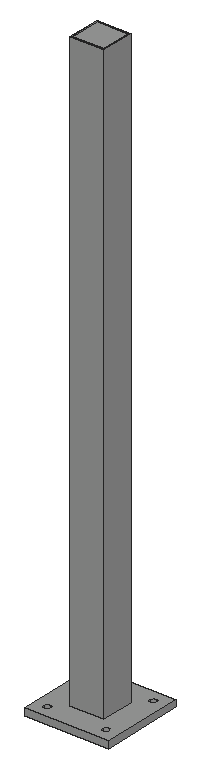
Revit family "Palmshield-Mercury-Semi-Private-Aluminum-Post", category Specialty Equipment, Revit 2026
Family settings
  Round Connector Dimension = Use Diameter
  Part Type = Normal
  Classification Number = 23.55.00.00
  Work Plane-Based = No
  Enable Cutting in Views = No
  Always vertical = No
  Cut with Voids When Loaded = No
  Maintain Annotation Orientation = No
  Shared = No
  Room Calculation Point = No
Parameters (values of type "Assembly")
  Warranty URL = "https://palmshieldlouvers.com/wp-content/uploads/2020/01/PalmSHIELD-Warranty-NO-SIGN-LINE.pdf"
  Version = "2020 - v1.0a"  # constant formula
  URL = "https://palmshieldlouvers.com/"
  Product Page URL = "https://palmshieldlouvers.com/products/mercury-eco-semi-private/"
  Product Documentation Link = "https://palmshieldlouvers.com/wp-content/uploads/2022/01/Mercury-Economic-Semi-Private-Aluminum-Composite.pdf"
  Post Position [instance] = 1
  Model = "Mercury Economic Semi Private - Aluminum"  # constant formula
  Material = Metal - PalmSHIELD - Dusty Grey
  Manufacturer Phone Number = "531-329-4406 "  # constant formula
  Manufacturer Email = "mailto: info@palmshieldlouvers.com"
  Manufacturer Address = "12330 Cary Circle, La Vista, NE 68128"  # constant formula
  Manufacturer = "PalmSHIELD"  # constant formula
  Keynote = "05 10 00"
  Instruction Sheet Link = "https://palmshieldlouvers.com/wp-content/uploads/2021/09/PalmSHIELD-Mercury-Series-Post-Panel-Gate-Installation-Instructions-2.docx"
  ID [instance] = "Not Assigned"
  Height [instance] = if(Desired Overall Height < C Min Height, C Min Height, if(Desired Overall Height > C Max Height, C Max Height, Desired Overall Height))  # 6' - 0"
  Desired Overall Height [instance] = 6' - 0"
  Description = "Mercury Economic Semi Private - Aluminum - Square Post"  # constant formula
  Default Elevation = 0' - 0"
  Copyright = "Copyright ©2024 The American Fence Company and PalmSHIELD. All Rights Reserved."  # constant formula
  Component Vis [instance] = yes
  Component Name [instance] = "Mercury Economic Semi Private - Aluminum - Square Post"  # constant formula
  C Post Width = 0' - 4"  # constant formula
  C Min Height [instance] = 3' - 4"  # constant formula
  C Max Height [instance] = 8' - 0"  # constant formula
  Assembly Code = "F1020100"
Reference planes (in)
  plane 1 "Center (Front/Back)": y = 0
  plane 2: z = 0
  plane 3 "Center (Left/Right)": x = 0
  plane 4: z = 72
  plane 5: y = 2
  plane 6: y = -2
  plane 7: x = 2
  plane 8: x = -2
Lines and regions (in)
  reference lines
    curve 1: line (-24.29961, 0, 72) -> (24.70039, 0, 72)
Dimensions and locks (in)
  "Desired Overall Height": curve 1 to plane 2
  "Height": plane 4 to plane 2
  equal spacing: plane 8, plane 3 "Center (Left/Right)", plane 7
  equal spacing: plane 5, plane 1 "Center (Front/Back)", plane 6
  "C Post Width": plane 5 to plane 6
  "C Post Width": plane 8 to plane 7
  aligned and locked: plane 2 to level
Automatic sketch dimensions
  curve 1 to plane 8 = 1' - 10.29961"
  curve 1 to plane 7 = 1' - 10.70039"
Nested families (in)
  nested 1: "Screening-Louver-Assembly-Post-Palmshield-Mercury_Economic_Semi_Private-Aluminum" at (0, 0, 0), Desired Overall Height <- "Desired Overall Height", ID <- "ID", Component Vis <- "Component Vis", Post Position <- "Post Position", type "Assembly"
    with Post Position 1, Overall Height 6' - 0", ID "Not Assigned", Desired Overall Height 6' - 0", Component Vis (Single) yes, Component Vis (Side) no, Component Vis (Double) no, Component Vis yes, Component Name "Mercury Economic Semi Private - Post Assembly", C Single Post yes, C Post Offset 0' - 0"
  nested 2: "Nested-Base_Plate-Palmshield-Mercury_Economic_Semi_Private" at (0, 0, 0), type "10" x 10" x 3/4""
    with Material Metal - PalmSHIELD - Dusty Grey, ID "Not Assigned", Component Name "Mercury Economic Semi Private - Aluminum - Base Plate"
  nested 3: "Nested-Square_Post-Aluminum-Palmshield-Mercury_Economic_Semi_Private" at (0, 0, 0.75), type "4" X 4" X 1/8" SQ. TUBE"
    with Material Metal - PalmSHIELD - Dusty Grey, Length 5' - 11 1/4", ID "Not Assigned", Component Name "Mercury Economic Semi Private - Aluminum - Square Post"
  nested 4: "Nested-Top_Cap-Palmshield-Mercury_Economic_Semi_Private" at (0, 0, 72) x (1, 0, 0) z (0, 0, -1), type "3 3/4" x 3 3/4" x 1/8""
    with Material Metal - PalmSHIELD - Dusty Grey, ID "Not Assigned", Component Name "Mercury Economic Semi Private - Aluminum - Square Top Cap"
Definition of nested family "Nested-Base_Plate-Palmshield-Mercury_Economic_Semi_Private"
  Parameters (values of type "10" x 14" x 3/4"")
    Width = if(Constraints = 1, 0' 10", 1' 2")  # 1' - 2"
    Warranty URL = "https://palmshieldlouvers.com/wp-content/uploads/2020/01/PalmSHIELD-Warranty-NO-SIGN-LINE.pdf"
    Version = "2020 - v1.0a"  # constant formula
    URL = "https://palmshieldlouvers.com/"
    Thickness = 0' - 0 3/4"  # constant formula
    Product Page URL = "Contact Manufacturer for More Information"
    Product Documentation Link = "Contact Manufacturer for More Information"
    Model = "Mercury Economic Semi Private"  # constant formula
    Material [instance] = none
    Manufacturer Phone Number = "531-329-4406 "  # constant formula
    Manufacturer Fax Number = "Consult Manufacturer Website for More Information"  # constant formula
    Manufacturer Email = "mailto: info@palmshieldlouvers.com"
    Manufacturer Address = "12330 Cary Circle, La Vista, NE 68128"  # constant formula
    Manufacturer = "PalmSHIELD"  # constant formula
    Keynote = "05 10 00"
    Instruction Sheet Link = "Contact Manufacturer for More Information"
    ID [instance] = ""
    Hole Diameter = 0' - 0 3/4"  # constant formula
    Height = 0' - 10"  # constant formula
    Description = "Mercury Economic Semi Private - Base Plate"  # constant formula
    Default Elevation = 4' - 0"
    Copyright = "Copyright ©2024 The American Fence Company and PalmSHIELD. All Rights Reserved."  # constant formula
    Constraints = 2
    Component Name [instance] = "Mercury Economic Semi Private - Aluminum - Base Plate"  # constant formula
    C Hole Offset = 0' - 1 1/2"  # constant formula
    Assembly Code = "F1020100"
  Types (2): name | Width | Constraints
    10" x 10" x 3/4" | 0' - 10" | 1
    10" x 14" x 3/4" | 1' - 2" | 2
  Reference planes (in)
    plane 1 "Center (Front/Back)": y = 0
    plane 2: z = 0
    plane 3 "Center (Left/Right)": x = 0
    plane 4: y = 5
    plane 5: x = 7
    plane 6: y = -5
    plane 7: x = -7
    plane 8: z = 0.75
  Forms (in)
    Extrusion 1, solid
      sketch origin (0, 0, 0) x (1, 0, 0) y (0, 1, 0)
        loop
          line (-48, 48) -> (-48, -48) -> (48, -48) -> (48, 48) -> (-48, 48)
      from 0 to -12
    Extrusion 2, solid, material <- "Material"
      sketch origin (0, 0, 0) x (1, 0, 0) y (0, 1, 0)
        loop
          line (-7, 5) -> (-7, -5) -> (7, -5) -> (7, 5) -> (-7, 5)
        loop
          circle (-5.5, 3.5) r 0.375
        loop
          circle (5.5, 3.5) r 0.375
        loop
          circle (-5.5, -3.5) r 0.375
        loop
          circle (5.5, -3.5) r 0.375
      from 0 to 0.75
  Dimensions and locks (in)
    equal spacing: plane 7, plane 3 "Center (Left/Right)", plane 5
    equal spacing: plane 4, plane 1 "Center (Front/Back)", plane 6
    "Width": plane 7 to plane 5
    "Height": plane 4 to plane 6
    "C Hole Offset": plane 7 to Extrusion 2 sketch curve  (x2)
    "C Hole Offset": Extrusion 2 sketch curve to plane 5  (x2)
    "C Hole Offset": plane 4 to Extrusion 2 sketch curve  (x2)
    "C Hole Offset": plane 6 to Extrusion 2 sketch curve  (x2)
    "Thickness": plane 8 to plane 2
    "Width": Extrusion 2 to Extrusion 2
    "Hole Diameter": diameter of Extrusion 2 sketch curve  (x4)
    aligned and locked: plane 2 to Extrusion 1
    aligned and locked: level to Extrusion 1
    aligned and locked: Extrusion 2 sketch curve to plane 4
    aligned and locked: plane 7 to Extrusion 2 sketch curve
    aligned and locked: Extrusion 2 sketch curve to plane 6
    aligned and locked: Extrusion 2 sketch curve to plane 5
    aligned and locked: plane 8 to Extrusion 2
  Automatic sketch dimensions
    Extrusion 1 sketch curve to Extrusion 1 sketch curve = 8' - 0"  (x2)
Definition of nested family "Nested-Square_Post-Aluminum-Palmshield-Mercury_Economic_Semi_Private"
  Parameters (values of type "4" X 4" X 1/8" SQ. TUBE")
    Width = 0' - 4"  # constant formula
    Warranty URL = "https://palmshieldlouvers.com/wp-content/uploads/2020/01/PalmSHIELD-Warranty-NO-SIGN-LINE.pdf"
    Version = "2020 - v1.0a"  # constant formula
    URL = "https://palmshieldlouvers.com/"
    Thickness = 0' - 0 1/8"  # constant formula
    Product Page URL = "Contact Manufacturer for More Information"
    Product Documentation Link = "Contact Manufacturer for More Information"
    Model = "Mercury Economic Semi Private"  # constant formula
    Material [instance] = none
    Manufacturer Phone Number = "531-329-4406 "  # constant formula
    Manufacturer Fax Number = "Consult Manufacturer Website for More Information"  # constant formula
    Manufacturer Email = "mailto: info@palmshieldlouvers.com"
    Manufacturer Address = "12330 Cary Circle, La Vista, NE 68128"  # constant formula
    Manufacturer = "PalmSHIELD"  # constant formula
    Length [instance] = 4' - 4.86713"
    Keynote = "05 10 00"
    Instruction Sheet Link = "Contact Manufacturer for More Information"
    ID [instance] = ""
    Description = "Mercury Economic Semi Private - Post"  # constant formula
    Default Elevation = 4' - 0"
    Copyright = "Copyright ©2024 The American Fence Company and PalmSHIELD. All Rights Reserved."  # constant formula
    Component Name [instance] = "Mercury Economic Semi Private - Aluminum - Square Post"  # constant formula
    Assembly Code = "F1020100"
  Reference planes (in)
    plane 1 "Center (Front/Back)": y = 0
    plane 2: z = 0
    plane 3 "Center (Left/Right)": x = 0
    plane 4: z = 52.86713
    plane 5: x = 2
    plane 6: x = -2
  Forms (in)
    Extrusion 1, solid
      sketch origin (0, 0, 0) x (1, 0, 0) y (0, 1, 0)
        loop
          line (-48, 48) -> (-48, -48) -> (48, -48) -> (48, 48) -> (-48, 48)
      from 0 to -12
    Sweep 2, solid, material <- "Material"
      path origin (0, 0, 0) x (0, 1, 0) y (0, 0, 1)
        loop
          line (0, 0) -> (0, 52.86713)
      profile "Profile-Palmshield-Square : 4" X 4" X 1/8" SQ. TUBE" origin (0, 0, 26.43357) x (0, -1, 0) y (1, 0, 0)
        loop
          line (1.875, 1.875) -> (-1.875, 1.875) -> (-1.875, -1.875) -> (1.875, -1.875) -> (1.875, 1.875)
        loop
          line (-2, -2) -> (2, -2) -> (2, 2) -> (-2, 2) -> (-2, -2)
  Dimensions and locks (in)
    "Length": plane 4 to plane 2
    equal spacing: plane 5, plane 3 "Center (Left/Right)", plane 6
    "Width": plane 5 to plane 6
    aligned and locked: plane 2 to Extrusion 1
    aligned and locked: level to Extrusion 1
    aligned and locked: plane 1 "Center (Front/Back)" to Sweep 2 sketch curve
    aligned and locked: plane 4 to Sweep 2 sketch curve
  Automatic sketch dimensions
    Extrusion 1 sketch curve to Extrusion 1 sketch curve = 8' - 0"  (x2)
    Sweep 2 sketch curve to level = 0' - 0"
Definition of nested family "Nested-Top_Cap-Palmshield-Mercury_Economic_Semi_Private"
  Parameters (values of type "3 3/4" x 3 3/4" x 1/8"")
    Width = 0' 4" - 2 * Thickness  # 0' - 3 3/4"
    Warranty URL = "https://palmshieldlouvers.com/wp-content/uploads/2020/01/PalmSHIELD-Warranty-NO-SIGN-LINE.pdf"
    Version = "2020 - v1.0a"  # constant formula
    URL = "https://palmshieldlouvers.com/"
    Thickness = 0' - 0 1/8"  # constant formula
    Product Page URL = "Contact Manufacturer for More Information"
    Product Documentation Link = "Contact Manufacturer for More Information"
    Model = "Mercury Economic Semi Private"  # constant formula
    Material [instance] = none
    Manufacturer Phone Number = "531-329-4406 "  # constant formula
    Manufacturer Fax Number = "Consult Manufacturer Website for More Information"  # constant formula
    Manufacturer Email = "mailto: info@palmshieldlouvers.com"
    Manufacturer Address = "12330 Cary Circle, La Vista, NE 68128"  # constant formula
    Manufacturer = "PalmSHIELD"  # constant formula
    Keynote = "05 10 00"
    Instruction Sheet Link = "Contact Manufacturer for More Information"
    ID [instance] = ""
    Description = "Mercury Economic Semi Private - Top Cap"  # constant formula
    Default Elevation = 4' - 0"
    Copyright = "Copyright ©2024 The American Fence Company and PalmSHIELD. All Rights Reserved."  # constant formula
    Component Name [instance] = "Mercury Economic Semi Private - Aluminum - Square Top Cap"  # constant formula
    Assembly Code = "F1020100"
  Reference planes (in)
    plane 1 "Center (Front/Back)": y = 0
    plane 2: z = 0
    plane 3 "Center (Left/Right)": x = 0
    plane 4: y = 1.875
    plane 5: x = 1.875
    plane 6: y = -1.875
    plane 7: x = -1.875
    plane 8: z = 0.125
  Forms (in)
    Extrusion 1, solid
      sketch origin (0, 0, 0) x (1, 0, 0) y (0, 1, 0)
        loop
          line (-48, 48) -> (-48, -48) -> (48, -48) -> (48, 48) -> (-48, 48)
      from 0 to -12
    Extrusion 2, solid, material <- "Material"
      sketch origin (0, 0, 0) x (1, 0, 0) y (0, 1, 0)
        loop
          line (-1.875, 1.875) -> (-1.875, -1.875) -> (1.875, -1.875) -> (1.875, 1.875) -> (-1.875, 1.875)
      from 0 to 0.125
  Dimensions and locks (in)
    equal spacing: plane 7, plane 3 "Center (Left/Right)", plane 5
    equal spacing: plane 4, plane 1 "Center (Front/Back)", plane 6
    "Width": plane 7 to plane 5
    "Width": plane 4 to plane 6
    "Thickness": plane 8 to plane 2
    aligned and locked: plane 2 to Extrusion 1
    aligned and locked: level to Extrusion 1
    aligned and locked: Extrusion 2 sketch curve to plane 4
    aligned and locked: plane 7 to Extrusion 2 sketch curve
    aligned and locked: Extrusion 2 sketch curve to plane 6
    aligned and locked: Extrusion 2 sketch curve to plane 5
    aligned and locked: plane 8 to Extrusion 2
  Automatic sketch dimensions
    Extrusion 1 sketch curve to Extrusion 1 sketch curve = 8' - 0"  (x2)
Definition of nested family "Screening-Louver-Assembly-Post-Palmshield-Mercury_Economic_Semi_Private-Aluminum"
  Parameters (values of type "Default")
    Width = 0' - 4"  # constant formula
    Warranty URL = "https://palmshieldlouvers.com/wp-content/uploads/2020/01/PalmSHIELD-Warranty-NO-SIGN-LINE.pdf"
    Version = "2020 - v1.0a"  # constant formula
    URL = "https://palmshieldlouvers.com/"
    Top Cap Thickness = 0' - 0 1/8"  # constant formula
    Component Vis (Side) [instance] = and(Component Vis, Post Position = 3)  # yes
    Product Page URL = "Contact Manufacturer for More Information"
    Product Documentation Link = "Contact Manufacturer for More Information"
    Post Position [instance] = 3
    Overall Height [instance] = if(Desired Overall Height < 3' 0", 3' 0", if(Desired Overall Height > 12' 0", 12' 0", Desired Overall Height))  # 6' - 0"
    Model = "Mercury Economic Semi Private"  # constant formula
    Component Vis (Single) [instance] = and(Component Vis, Post Position = 1)  # no
    Material = none
    Manufacturer Phone Number = "531-329-4406 "  # constant formula
    Manufacturer Fax Number = "Consult Manufacturer Website for More Information"  # constant formula
    Manufacturer Email = "mailto: info@palmshieldlouvers.com"
    Manufacturer Address = "12330 Cary Circle, La Vista, NE 68128"  # constant formula
    Manufacturer = "PalmSHIELD"  # constant formula
    Keynote = "05 10 00"
    Instruction Sheet Link = "Contact Manufacturer for More Information"
    ID [instance] = "Not Assigned"
    Desired Overall Height [instance] = 6' - 0"
    Description = "Mercury Economic Semi Private - Post Assembly"  # constant formula
    Default Elevation = 4' - 0"
    Component Vis (Double) [instance] = and(Component Vis, Post Position = 2)  # no
    Copyright = "Copyright ©2024 The American Fence Company and PalmSHIELD. All Rights Reserved."  # constant formula
    Component Vis [instance] = yes
    Component Name [instance] = "Mercury Economic Semi Private - Post Assembly"  # constant formula
    C Single Post [instance] = not([Component Vis (Double)])  # yes
    C Post Offset [instance] = if([Component Vis (Side)], 0' 2 1/2", 0' 0")  # 0' - 2 1/2"
    C Panel Offset from Ground = 0' - 2"  # constant formula
    Base Plate Thickness = 0' - 0 3/4"  # constant formula
    Assembly Code = "F1020100"
  Reference planes (in)
    plane 1 "Center (Front/Back)": y = 0
    plane 2: z = 0
    plane 3 "Center (Left/Right)": x = 0
    plane 4: x = 2
    plane 5: x = -2
    plane 6: z = 72
    plane 7: z = 2
  Forms (in)
    Extrusion 1, solid
      sketch origin (0, 0, 0) x (1, 0, 0) y (0, 1, 0)
        loop
          line (-48, 48) -> (-48, -48) -> (48, -48) -> (48, 48) -> (-48, 48)
      from 0 to -12
  Lines and regions (in)
    reference lines
      curve 1: line (-64.16684, 0, 72) -> (79.83316, 0, 72)
  Dimensions and locks (in)
    equal spacing: plane 4, plane 3 "Center (Left/Right)", plane 5
    "Width": plane 4 to plane 5
    "C Panel Offset from Ground": plane 7 to plane 2
    "Overall Height": plane 6 to plane 2
    "Desired Overall Height": curve 1 to plane 2
    "C Post Offset": plane 3 "Center (Left/Right)" to nested 2
    "C Post Offset": plane 3 "Center (Left/Right)" to nested 3
    aligned and locked: plane 2 to Extrusion 1
    aligned and locked: level to Extrusion 1
    aligned and locked: plane 1 "Center (Front/Back)" to nested 1
    aligned and locked: plane 1 "Center (Front/Back)" to nested 3
    aligned and locked: plane 6 to nested 2
    aligned and locked: plane 1 "Center (Front/Back)" to nested 4
    aligned and locked: plane 6 to nested 5
    aligned and locked: plane 6 to nested 6
    aligned and locked: plane 3 "Center (Left/Right)" to nested 5
    aligned and locked: nested 6 to plane 3 "Center (Left/Right)"
    aligned and locked: nested 5 to nested 7
    aligned and locked: plane 4 to nested 8
    aligned and locked: plane 3 "Center (Left/Right)" to nested 4
    aligned and locked: plane 3 "Center (Left/Right)" to nested 1
  Automatic sketch dimensions
    Extrusion 1 sketch curve to Extrusion 1 sketch curve = 8' - 0"  (x2)
    curve 1 to plane 5 = 5' - 2.16684"
    plane 4 to curve 1 = 6' - 5.83316"
  Nested families (in)
    nested 1: "Nested-Base_Plate-Palmshield-Mercury_Economic_Semi_Private" at (0, 0, 0), ID <- "ID", Material <- "Material", visible <- "C Single Post", type "10" x 10" x 3/4""
      with Material none, ID "Not Assigned", Component Name "Mercury Economic Semi Private - Aluminum - Base Plate"
    nested 2: "Nested-Square_Post-Aluminum-Palmshield-Mercury_Economic_Semi_Private" at (2.5, 0, 0.75), ID <- "ID", Material <- "Material", visible <- "C Single Post", type "4" X 4" X 1/8" SQ. TUBE"
      with Material none, Length 5' - 11 1/4", ID "Not Assigned", Component Name "Mercury Economic Semi Private - Aluminum - Square Post"
    nested 3: "Nested-Top_Cap-Palmshield-Mercury_Economic_Semi_Private" at (2.5, 0, 72) x (1, 0, 0) z (0, 0, -1), ID <- "ID", Material <- "Material", visible <- "C Single Post", type "3 3/4" x 3 3/4" x 1/8""
      with Material none, ID "Not Assigned", Component Name "Mercury Economic Semi Private - Aluminum - Square Top Cap"
    nested 4: "Nested-Base_Plate-Palmshield-Mercury_Economic_Semi_Private" at (0, 0, 0), ID <- "ID", Material <- "Material", visible <- "Component Vis (Double)", type "10" x 14" x 3/4""
      with Material none, ID "Not Assigned", Component Name "Mercury Economic Semi Private - Aluminum - Base Plate"
    nested 5: "Nested-Square_Post-Aluminum-Palmshield-Mercury_Economic_Semi_Private" at (-2, 0, 0.75), ID <- "ID", Material <- "Material", visible <- "Component Vis (Double)", type "4" X 4" X 1/8" SQ. TUBE"
      with Material none, Length 5' - 11 1/4", ID "Not Assigned", Component Name "Mercury Economic Semi Private - Aluminum - Square Post"
    nested 6: "Nested-Square_Post-Aluminum-Palmshield-Mercury_Economic_Semi_Private" at (2, 0, 0.75), ID <- "ID", Material <- "Material", visible <- "Component Vis (Double)", type "4" X 4" X 1/8" SQ. TUBE"
      with Material none, Length 5' - 11 1/4", ID "Not Assigned", Component Name "Mercury Economic Semi Private - Aluminum - Square Post"
    nested 7: "Nested-Top_Cap-Palmshield-Mercury_Economic_Semi_Private" at (-2, 0, 72) x (1, 0, 0) z (0, 0, -1), ID <- "ID", Material <- "Material", visible <- "Component Vis (Double)", type "3 3/4" x 3 3/4" x 1/8""
      with Material none, ID "Not Assigned", Component Name "Mercury Economic Semi Private - Aluminum - Square Top Cap"
    nested 8: "Nested-Top_Cap-Palmshield-Mercury_Economic_Semi_Private" at (2, 0, 72) x (1, 0, 0) z (0, 0, -1), ID <- "ID", Material <- "Material", visible <- "Component Vis (Double)", type "3 3/4" x 3 3/4" x 1/8""
      with Material none, ID "Not Assigned", Component Name "Mercury Economic Semi Private - Aluminum - Square Top Cap"
  Definition of nested family "Nested-Base_Plate-Palmshield-Mercury_Economic_Semi_Private"
    Parameters (values of type "10" x 14" x 3/4"")
      Width = if(Constraints = 1, 0' 10", 1' 2")  # 1' - 2"
      Warranty URL = "https://palmshieldlouvers.com/wp-content/uploads/2020/01/PalmSHIELD-Warranty-NO-SIGN-LINE.pdf"
      Version = "2020 - v1.0a"  # constant formula
      URL = "https://palmshieldlouvers.com/"
      Thickness = 0' - 0 3/4"  # constant formula
      Product Page URL = "Contact Manufacturer for More Information"
      Product Documentation Link = "Contact Manufacturer for More Information"
      Model = "Mercury Economic Semi Private"  # constant formula
      Material [instance] = none
      Manufacturer Phone Number = "531-329-4406 "  # constant formula
      Manufacturer Fax Number = "Consult Manufacturer Website for More Information"  # constant formula
      Manufacturer Email = "mailto: info@palmshieldlouvers.com"
      Manufacturer Address = "12330 Cary Circle, La Vista, NE 68128"  # constant formula
      Manufacturer = "PalmSHIELD"  # constant formula
      Keynote = "05 10 00"
      Instruction Sheet Link = "Contact Manufacturer for More Information"
      ID [instance] = ""
      Hole Diameter = 0' - 0 3/4"  # constant formula
      Height = 0' - 10"  # constant formula
      Description = "Mercury Economic Semi Private - Base Plate"  # constant formula
      Default Elevation = 4' - 0"
      Copyright = "Copyright ©2024 The American Fence Company and PalmSHIELD. All Rights Reserved."  # constant formula
      Constraints = 2
      Component Name [instance] = "Mercury Economic Semi Private - Aluminum - Base Plate"  # constant formula
      C Hole Offset = 0' - 1 1/2"  # constant formula
      Assembly Code = "F1020100"
    Types (2): name | Width | Constraints
      10" x 10" x 3/4" | 0' - 10" | 1
      10" x 14" x 3/4" | 1' - 2" | 2
    Reference planes (in)
      plane 1 "Center (Front/Back)": y = 0
      plane 2: z = 0
      plane 3 "Center (Left/Right)": x = 0
      plane 4: y = 5
      plane 5: x = 7
      plane 6: y = -5
      plane 7: x = -7
      plane 8: z = 0.75
    Forms (in)
      Extrusion 1, solid
        sketch origin (0, 0, 0) x (1, 0, 0) y (0, 1, 0)
          loop
            line (-48, 48) -> (-48, -48) -> (48, -48) -> (48, 48) -> (-48, 48)
        from 0 to -12
      Extrusion 2, solid, material <- "Material"
        sketch origin (0, 0, 0) x (1, 0, 0) y (0, 1, 0)
          loop
            line (-7, 5) -> (-7, -5) -> (7, -5) -> (7, 5) -> (-7, 5)
          loop
            circle (-5.5, 3.5) r 0.375
          loop
            circle (5.5, 3.5) r 0.375
          loop
            circle (-5.5, -3.5) r 0.375
          loop
            circle (5.5, -3.5) r 0.375
        from 0 to 0.75
    Dimensions and locks (in)
      equal spacing: plane 7, plane 3 "Center (Left/Right)", plane 5
      equal spacing: plane 4, plane 1 "Center (Front/Back)", plane 6
      "Width": plane 7 to plane 5
      "Height": plane 4 to plane 6
      "C Hole Offset": plane 7 to Extrusion 2 sketch curve  (x2)
      "C Hole Offset": Extrusion 2 sketch curve to plane 5  (x2)
      "C Hole Offset": plane 4 to Extrusion 2 sketch curve  (x2)
      "C Hole Offset": plane 6 to Extrusion 2 sketch curve  (x2)
      "Thickness": plane 8 to plane 2
      "Width": Extrusion 2 to Extrusion 2
      "Hole Diameter": diameter of Extrusion 2 sketch curve  (x4)
      aligned and locked: plane 2 to Extrusion 1
      aligned and locked: level to Extrusion 1
      aligned and locked: Extrusion 2 sketch curve to plane 4
      aligned and locked: plane 7 to Extrusion 2 sketch curve
      aligned and locked: Extrusion 2 sketch curve to plane 6
      aligned and locked: Extrusion 2 sketch curve to plane 5
      aligned and locked: plane 8 to Extrusion 2
    Automatic sketch dimensions
      Extrusion 1 sketch curve to Extrusion 1 sketch curve = 8' - 0"  (x2)
  Definition of nested family "Nested-Square_Post-Aluminum-Palmshield-Mercury_Economic_Semi_Private"
    Parameters (values of type "4" X 4" X 1/8" SQ. TUBE")
      Width = 0' - 4"  # constant formula
      Warranty URL = "https://palmshieldlouvers.com/wp-content/uploads/2020/01/PalmSHIELD-Warranty-NO-SIGN-LINE.pdf"
      Version = "2020 - v1.0a"  # constant formula
      URL = "https://palmshieldlouvers.com/"
      Thickness = 0' - 0 1/8"  # constant formula
      Product Page URL = "Contact Manufacturer for More Information"
      Product Documentation Link = "Contact Manufacturer for More Information"
      Model = "Mercury Economic Semi Private"  # constant formula
      Material [instance] = none
      Manufacturer Phone Number = "531-329-4406 "  # constant formula
      Manufacturer Fax Number = "Consult Manufacturer Website for More Information"  # constant formula
      Manufacturer Email = "mailto: info@palmshieldlouvers.com"
      Manufacturer Address = "12330 Cary Circle, La Vista, NE 68128"  # constant formula
      Manufacturer = "PalmSHIELD"  # constant formula
      Length [instance] = 4' - 4.86713"
      Keynote = "05 10 00"
      Instruction Sheet Link = "Contact Manufacturer for More Information"
      ID [instance] = ""
      Description = "Mercury Economic Semi Private - Post"  # constant formula
      Default Elevation = 4' - 0"
      Copyright = "Copyright ©2024 The American Fence Company and PalmSHIELD. All Rights Reserved."  # constant formula
      Component Name [instance] = "Mercury Economic Semi Private - Aluminum - Square Post"  # constant formula
      Assembly Code = "F1020100"
    Reference planes (in)
      plane 1 "Center (Front/Back)": y = 0
      plane 2: z = 0
      plane 3 "Center (Left/Right)": x = 0
      plane 4: z = 52.86713
      plane 5: x = 2
      plane 6: x = -2
    Forms (in)
      Extrusion 1, solid
        sketch origin (0, 0, 0) x (1, 0, 0) y (0, 1, 0)
          loop
            line (-48, 48) -> (-48, -48) -> (48, -48) -> (48, 48) -> (-48, 48)
        from 0 to -12
      Sweep 2, solid, material <- "Material"
        path origin (0, 0, 0) x (0, 1, 0) y (0, 0, 1)
          loop
            line (0, 0) -> (0, 52.86713)
        profile "Profile-Palmshield-Square : 4" X 4" X 1/8" SQ. TUBE" origin (0, 0, 26.43357) x (0, -1, 0) y (1, 0, 0)
          loop
            line (1.875, 1.875) -> (-1.875, 1.875) -> (-1.875, -1.875) -> (1.875, -1.875) -> (1.875, 1.875)
          loop
            line (-2, -2) -> (2, -2) -> (2, 2) -> (-2, 2) -> (-2, -2)
    Dimensions and locks (in)
      "Length": plane 4 to plane 2
      equal spacing: plane 5, plane 3 "Center (Left/Right)", plane 6
      "Width": plane 5 to plane 6
      aligned and locked: plane 2 to Extrusion 1
      aligned and locked: level to Extrusion 1
      aligned and locked: plane 1 "Center (Front/Back)" to Sweep 2 sketch curve
      aligned and locked: plane 4 to Sweep 2 sketch curve
    Automatic sketch dimensions
      Extrusion 1 sketch curve to Extrusion 1 sketch curve = 8' - 0"  (x2)
      Sweep 2 sketch curve to level = 0' - 0"
  Definition of nested family "Nested-Top_Cap-Palmshield-Mercury_Economic_Semi_Private"
    Parameters (values of type "3 3/4" x 3 3/4" x 1/8"")
      Width = 0' 4" - 2 * Thickness  # 0' - 3 3/4"
      Warranty URL = "https://palmshieldlouvers.com/wp-content/uploads/2020/01/PalmSHIELD-Warranty-NO-SIGN-LINE.pdf"
      Version = "2020 - v1.0a"  # constant formula
      URL = "https://palmshieldlouvers.com/"
      Thickness = 0' - 0 1/8"  # constant formula
      Product Page URL = "Contact Manufacturer for More Information"
      Product Documentation Link = "Contact Manufacturer for More Information"
      Model = "Mercury Economic Semi Private"  # constant formula
      Material [instance] = none
      Manufacturer Phone Number = "531-329-4406 "  # constant formula
      Manufacturer Fax Number = "Consult Manufacturer Website for More Information"  # constant formula
      Manufacturer Email = "mailto: info@palmshieldlouvers.com"
      Manufacturer Address = "12330 Cary Circle, La Vista, NE 68128"  # constant formula
      Manufacturer = "PalmSHIELD"  # constant formula
      Keynote = "05 10 00"
      Instruction Sheet Link = "Contact Manufacturer for More Information"
      ID [instance] = ""
      Description = "Mercury Economic Semi Private - Top Cap"  # constant formula
      Default Elevation = 4' - 0"
      Copyright = "Copyright ©2024 The American Fence Company and PalmSHIELD. All Rights Reserved."  # constant formula
      Component Name [instance] = "Mercury Economic Semi Private - Aluminum - Square Top Cap"  # constant formula
      Assembly Code = "F1020100"
    Reference planes (in)
      plane 1 "Center (Front/Back)": y = 0
      plane 2: z = 0
      plane 3 "Center (Left/Right)": x = 0
      plane 4: y = 1.875
      plane 5: x = 1.875
      plane 6: y = -1.875
      plane 7: x = -1.875
      plane 8: z = 0.125
    Forms (in)
      Extrusion 1, solid
        sketch origin (0, 0, 0) x (1, 0, 0) y (0, 1, 0)
          loop
            line (-48, 48) -> (-48, -48) -> (48, -48) -> (48, 48) -> (-48, 48)
        from 0 to -12
      Extrusion 2, solid, material <- "Material"
        sketch origin (0, 0, 0) x (1, 0, 0) y (0, 1, 0)
          loop
            line (-1.875, 1.875) -> (-1.875, -1.875) -> (1.875, -1.875) -> (1.875, 1.875) -> (-1.875, 1.875)
        from 0 to 0.125
    Dimensions and locks (in)
      equal spacing: plane 7, plane 3 "Center (Left/Right)", plane 5
      equal spacing: plane 4, plane 1 "Center (Front/Back)", plane 6
      "Width": plane 7 to plane 5
      "Width": plane 4 to plane 6
      "Thickness": plane 8 to plane 2
      aligned and locked: plane 2 to Extrusion 1
      aligned and locked: level to Extrusion 1
      aligned and locked: Extrusion 2 sketch curve to plane 4
      aligned and locked: plane 7 to Extrusion 2 sketch curve
      aligned and locked: Extrusion 2 sketch curve to plane 6
      aligned and locked: Extrusion 2 sketch curve to plane 5
      aligned and locked: plane 8 to Extrusion 2
    Automatic sketch dimensions
      Extrusion 1 sketch curve to Extrusion 1 sketch curve = 8' - 0"  (x2)
